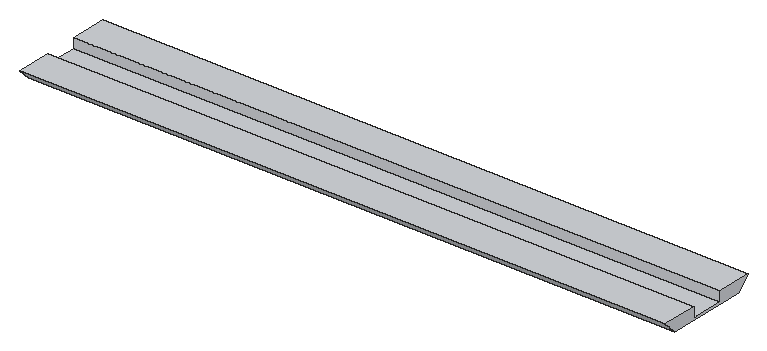
Revit family "PG_EINBAU_V3_6", category Allgemeines Modell, Revit 2018
Family settings
  Kann Basisbauteil für Bewehrung sein = Nein
  Bemaßung runder Anschluss = Durchmesser verwenden
  Teiletyp = Normal
  Beim Laden mit Abzugskörper schneiden = Ja
  Gemeinsam genutzt = Ja
  Raumberechnungspunkt = Nein
Parameters (values of type "MEARIN PG-EVO-V3_6 Mörtelbett")
  guid = "cf6c1bd8-9bf4-4563-8c57-07955e2378ac"  # constant formula
  Winkel VertiefungSeiten = 45.00°
  Weite Vertiefung [instance] = 370 mm
  URL = "https://www.mea-group.com/"
  Typ Entwässerungsbauteil = "Typ M"  # constant formula
  Technische Produktinformation = "https://www.mea-group.com/de/de/produkte/parkhaus-entwaesserungsrinne-mearin-pg-evo/"
  STLB-Bau Mustervorlage = "https://www.stlb-bau-online.de/Mustervorlagen/MEA-GROUP/Node"
  Nennweite mm Entwässerungsbauteil = "150"  # constant formula
  Nennweite = 150 mm
  Material = ""
  MEA-Volumen PCC-Mörtel [instance] = B_Fläche * [built-in parameter 1001306]  # 49.875 L
  MEA Planungshilfe = "https://www.mea-group.com/de/water-management/service/"
  built-in parameter 1001306 [instance] = 3000 mm
  Konstruktion Entwässerungsbauteil = "Mörtelbett Kammrinne"  # constant formula
  IfcExportType = "USERDEFINED"  # constant formula
  IfcExportAs = "IfcWasteTerminalType"  # constant formula
  IfcDescription = Beschreibung  # "Monolithische Entwässerungsrinnen aus Glasfaser-Verbundstoff, Baubreite 180 / 170 mm. Geringe Bauhöhe 30 mm und Reduzierung der Stoßabdichtung durch Länge 3000 mm. Ausführungen mit Andicht-Flansch für OS-Einbau oder ohne Andicht-Flansch für Gussasphalt-Einbau. Standardmäßig erhältlich in 3 Farben (Grau, Schwarz, Rot), weitere Farben auf Anfrage, ab 1000 m Rinne. Brandverhalten gemäß DIN EN 13501-1 Bfl-S1, schwer entflammbar, Nr. 230011568-3."
  Höhe = 50 mm
  Hersteller = "MEA Bautechnik GmbH Geschäftsbereich MEA Water Management"  # constant formula
  Gewicht = "siehe Dichte Mörtel"  # constant formula
  Fussbodenhöhe [instance] = 60 mm
  Einbautechnologie = "Rinne allein"  # constant formula
  Breite = 180 mm
  Beschreibung = "Monolithische Entwässerungsrinnen aus Glasfaser-Verbundstoff, Baubreite 180 / 170 mm. Geringe Bauhöhe 30 mm und Reduzierung der Stoßabdichtung durch Länge 3000 mm. Ausführungen mit Andicht-Flansch für OS-Einbau oder ohne Andicht-Flansch für Gussasphalt-Einbau. Standardmäßig erhältlich in 3 Farben (Grau, Schwarz, Rot), weitere Farben auf Anfrage, ab 1000 m Rinne. Brandverhalten gemäß DIN EN 13501-1 Bfl-S1, schwer entflammbar, Nr. 230011568-3."
  Belastungsklasse Entwässerungsbauteil = "C 250"
  Bauteil, Entwässerung = "Entwässerungsrinne"  # constant formula
  Baustoff,Bettung/Fundament = "PCC-Mörtel/Epoxy-Mörtel"  # constant formula
  Bauelement = "Entwässerungsrinnen Oberflächenwasser"  # constant formula
  B_Fläche [instance] = (Weite Vertiefung + (tan(90.00° - Winkel VertiefungSeiten) * (Fussbodenhöhe - 5 mm))) * (Fussbodenhöhe - 5 mm) - (Nennweite * 45 mm)  # 0.016625 m²
  Ausführungsunterlagen = "gemäß Zeichnung und Einzelbeschreibung"  # constant formula
  Artikelnummer = "010141803"
Reference planes
  plane 1 "Mitte (Vorne/hinten)": y = 0
  plane 2: z = 0
  plane 3 "Links": x = 0
  plane 4 "Rechts": x = 3000
Forms (mm)
  Sweep 1, solid
    path in 3D
      loop
        line (0, 0, 0) -> (3000, 0, 0)
    profile "Profil PG-Mörtel OS_V3_6 : Profil PG-Mörtel OS_V3_6" origin (1500, 0, 0) x (0, 1, 0) y (0, 0, 1)
      loop
        line (-75, -50) -> (-75, -5) -> (-240.027, -5) -> (-185.027, -60) -> (184.98, -60) -> (239.98, -5) -> (75, -5) -> (75, -50) -> (-75, -50)
  Sweep 2, void
    path in 3D
      loop
        line (0, 0, 0) -> (3000, 0, 0)
    profile "Abzugskörper_PG-EVO_OS V3_6 : Abzugskörper_PG-EVO_OS V3_6" origin (1500, 0, 0) x (0, 1, 0) y (0, 0, 1)
      loop
        line (-240, -5) -> (-185, -60) -> (185.031, -60) -> (240.031, -5) -> (75, -5) -> (75, 0) -> (-75, 0) -> (-75, -5) -> (-240, -5)
Lines and regions (mm)
  reference lines
    curve 1: line (104.1, 0, 0) -> (2985, 0, 0)
  model lines
    curve 2: line (0, 0, 0) -> (3000, 0, 0)
  sketch lines
    curve 3: line (0, 0, 0) -> (3000, 0, 0)
    curve 4: line (0, 0, 0) -> (3000, 0, 0)
Dimensions and locks
  "built-in parameter 1001306": plane 3 "Links" to plane 4 "Rechts"
  aligned and locked: plane 1 "Mitte (Vorne/hinten)" to curve 1
  aligned and locked: level to plane 2
  aligned and locked: plane 4 "Rechts" to curve 2
  aligned and locked: plane 3 "Links" to curve 2
Automatic sketch dimensions
  plane 1 "Mitte (Vorne/hinten)" to curve 2 = 0 mm
  plane 3 "Links" to curve 1 = 104.1 mm
  curve 1 to plane 4 "Rechts" = 15 mm
